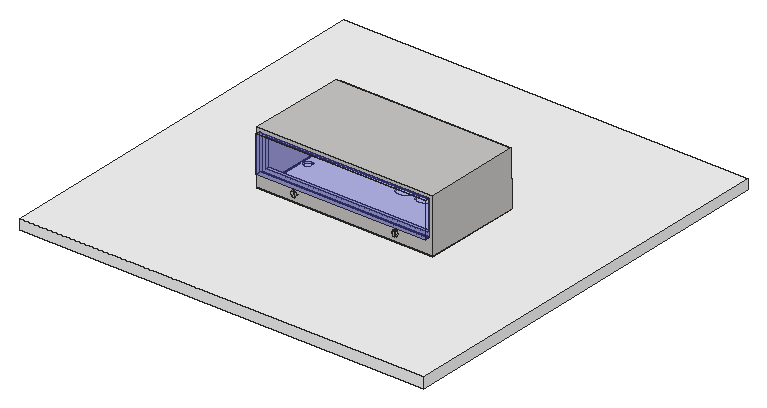
Revit family "BE_50072.2_de_DE", category Leuchten, Revit 2020
Family settings
  Basisbauteil = Fläche
  Bemaßung runder Anschluss = Durchmesser verwenden
  Teiletyp = Normal
  Beim Laden mit Abzugskörper schneiden = Ja
  Lichtquelle = Ja
  Gemeinsam genutzt = Nein
  Raumberechnungspunkt = Ja
Parameters (values of type "BEGA_50072.2_K4")
  built-in parameter 1150104 = 12.867 (stored number, unit not read)
  Wattage = 12.2 W
  Default Elevation = 0 mm
  built-in parameter 1150113 = 1 (stored number, unit not read)
  built-in parameter 1114218 = 1 (stored number, unit not read)
  Umgebungstemperatur = "25 °C"
  URL = "https://www.bega.com/de/produkt/50072.2"
  Typenkommentare = "© 2022 BEGA. Wir behalten uns das Recht vor, technische Änderungen ohne vorherige Ankündigung vorzunehmen."  # constant formula
  built-in parameter 1150134 = 12
  built-in parameter 1150109 = 1 (stored number, unit not read)
  Strom = ""
  built-in parameter 1150110 = 1 (stored number, unit not read)
  Spannung = 239.996 V
  Sonderanfertigung = no
  Seriennummer [instance] = "Hier können Sie die eindeutige Seriennummer für das Facility Management eintragen."
  Schutzklasse = "I"
  Schutzart = "IP 20"
  Scheinlast = 0 VA
  Produktdatenblatt = "https://cdn.bega.com/bega/products/50072.2K3/current/documents/data-sheets/de"
  Oberflächentemperatur = ""
  Neigungswinkel = 0.00°
  Modell = "50072.2K4"
  Material_17 = BEGA_Reflektor
  Material_15 = BEGA_Leuchtmedium_matt
  Material_11 = BEGA_Glas_opal
  Material_09 = BEGA_Glas_klar
  Material_08 = BEGA_Oberfläche_Stahl_verzinkt
  Material_06 = BEGA_Oberfläche_Edelstahl_gebürstet
  Material_05 = BEGA_Oberfläche_Aluminium Guss
  Material_03 = BEGA_Oberfläche_Weiss_matt
  Material_02 = BEGA_Oberfläche_Silber_matt
  Material_01 [instance] = BEGA_Oberfläche_Grafit_matt
  M_W = no
  M_G = no
  M_A = no
  Logo = 0
  built-in parameter 1114217 = 1 (stored number, unit not read)
  built-in parameter 1150139 = (empty or 0)
  built-in parameter 1150105 = 134.46 (stored number, unit not read)
  built-in parameter 1150114 = 1 (stored number, unit not read)
  Lumens = 1689.7 lm
  built-in parameter 1150115 = 1 (stored number, unit not read)
  Leuchtenlichtstrom = "679 lm"
  Leuchtenanzahl = ""
  Lebensdauerkriterien = "L70B50 @ 25 °C = 200000 h"
  Lastklassifizierung = Beleuchtung
  built-in parameter 1150112 = 1 (stored number, unit not read)
  Lampenlichtstrom = "1990 lm"
  Lampe = "LED 12.8 W"
  LED_Modulbezeichnung = "2x LED-0518/940"
  Hersteller = "BEGA"  # constant formula
  Halbstreuwinkel = ""
  Gewicht = "1.3 kg"
  Gebrauchslageneinschränkung [instance] = ""
  Frequenz = "0/50-60 Hz"
  Farbwiedergabeindex = "CRI > 90"
  Farbtemperaturverschiebung bei Dämpfen der Lampe = <Keine Auswahl>
  Farbtemperatur = "4000 K"
  Color Filter = 16777215
  built-in parameter 1150133 = 10 (stored number, unit not read)
  Energieeffizienzklasse = "LED A++ - A"
  built-in parameter 1150137 = (empty or 0)
  built-in parameter 1150132 = (empty or 0)
  ENEC = "ja"
  Dimmbar [instance] = "on/off"
  Datei für fotometrisches Netz = "BE_50072.2K4.IES"
  CE_Konformität = "ja"
  Bestellnummer = "50072.2K4"
  Beschreibung_Sonderanfertigung = "Hier können Sie Informationen zur Sonderanfertigung eintragen."
  Beschreibung = "Wandleuchte"
  built-in parameter 1150106 = 1.3446 (stored number, unit not read)
  Befestigungsbohrung = "Ø 4,5 mm"
  Befestigungsabstand = "150 mm"
  Ballwurfsicher = ""
  BEGA_Intern_aus = yes
  BEGA_Intern_an = yes
  BEGA_Intern_Konstruktion = yes
  BEGA_Intern = yes
  BEGA_IES = yes
  BEGA_Dummy = no
  Anschlussleitung = ""
  Anschlussleistung [instance] = "14.8 W"
  Anschlusskasten = ""
  built-in parameter 1150107 = 4000 (stored number, unit not read)
  built-in parameter 1150102 = (empty or 0)
  built-in parameter 1150138 = (empty or 0)
  Aktualisierung = "2022-05-18T04:00:07"
  Abstand_zur_angestrahlten_Fläche [instance] = ""
  AC/DC = "AC/DC"
Types (2, lengths in mm): name | built-in parameter 1150134 | Modell | Leuchtenlichtstrom | Lampenlichtstrom | LED_Modulbezeichnung | Farbtemperatur | Datei für fotometrisches Netz | Bestellnummer | built-in parameter 1150107
  BEGA_50072.2_K4 | 12 | "50072.2K4" | "679 lm" | "1990 lm" | "2x LED-0518/940" | "4000 K" | "BE_50072.2K4.IES" | "50072.2K4" | 4000 (stored number, unit not read)
  BEGA_50072.2_K3 | (empty or 0) | "50072.2K3" | "652 lm" | "1910 lm" | "2x LED-0518/930" | "3000 K" | "BE_50072.2K3.IES" | "50072.2K3" | 3000 (stored number, unit not read)
Reference planes
  plane 1 "Mitte (Vorne/Hinten)": y = 0
  plane 2: z = 0
  plane 3 "Mitte (Links/Rechts)": x = 0
  plane 4 "Links": x = -87.491
  plane 5 "Rechts": x = 87.491
  plane 6 "Unten": y = -53.25
  plane 7 "Oben": y = 53.25
  plane 8 "Vorne": z = 54
  plane 9 "Hinten": z = 0
Forms (mm)
  Extrusion 1, solid, material "BEGA_Platte_Weiss"
    sketch origin (0, -1119.2, 0) x (1, 0, 0) y (0, 1, 0)
      loop
        line (-200, 1319.2) -> (-200, 919.2) -> (200, 919.2) -> (200, 1319.2) -> (-200, 1319.2)
    from 0 to -10
  Extrusion 2, solid, material "BEGA_Dummy_matt", visible <- "BEGA_Dummy"
    sketch origin (80.095, -76.023, 0) x (1, 0, 0) y (0, 1, 0)
      loop
        line (-167.587, 129.273) -> (-167.587, 22.773) -> (7.396, 22.773) -> (7.396, 129.273) -> (-167.587, 129.273)
    from 0 to 54
Dimensions and locks
  plane 1 "Mitte (Vorne/Hinten)" to Extrusion 1 = 200 mm
  plane 1 "Mitte (Vorne/Hinten)" to Extrusion 2 = 53.25 mm
  aligned and locked: plane 2 to Extrusion 1
  aligned and locked: level to Extrusion 1
Nested families
  nested 1: "BE_50072.2" at (0, 0, 0), type "BE_50072.2"
Connectors
  electrical at (0, 0, 0), driven by "Lastklassifizierung", driven by "Spannung", driven by "Scheinlast"
    settings: index 1, voltage 239.996 V, apparent load 0 VA, apparent load phase1 0 VA, apparent load phase2 0 VA, apparent load phase3 0 VA, power factor 1, load classification "Beleuchtung", number of poles 1, system type 31, power factor state 1, is connector primary yes, connector utility no, sub classification motor no, connector description ""
Definition of nested family "BE_50072.2"
  Parameters (values of type "BE_50072.2")
    Default Elevation = 1 mm
    URL = "http://www.bega.de/de/produkt"
    Type Comments = "© 2015 BEGA. Wir behalten uns das Recht vor, technische Änderungen ohne vorherige Ankündigung vorzunehmen. "  # constant formula
    Type Image = (empty or 0)
    Neigungswinkel_um_Z2 = 0.00°
    Neigungswinkel_um_Z1 = 0.00°
    Neigungswinkel_um_Y2 = 0.00°
    Neigungswinkel_um_Y1 = 0.00°
    Neigungswinkel_um_X2 = 0.00°
    Neigungswinkel_um_X1 = 0.00°
    Material_17 = none
    Material_15 = none
    Material_11 = none
    Material_09 = none
    Material_08 = none
    Material_06 = none
    Material_05 = none
    Material_03 = none
    Material_02 = none
    Material_01 = none
    M_W = yes
    M_G = yes
    M_A = yes
    Länge_Platte = 300 mm  # constant formula
    Höhe_Platte = -10 mm  # constant formula
    Manufacturer = "BEGA"  # constant formula
    Drehwinkel_um_Z2 = 0.00°
    Drehwinkel_um_Z1 = 0.00°
    Breite_Platte = 200 mm  # constant formula
  Reference planes
    plane 1 "Mitte (Oben/Unten)": y = 0
    plane 2: z = 0
    plane 3 "Mitte (Links/Rechts)": x = 0
    plane 4: z = 54
    plane 5: y = 53.25
    plane 6: y = -53.25
    plane 7: x = -87.491
    plane 8: x = 87.491
  Forms (mm)
    Extrusion 1, solid, detail levels medium
      sketch origin (0, 0, 0) x (1, 0, 0) y (0, 1, 0)
        loop
          line (-150, 100) -> (-150, -100) -> (150, -100) -> (150, 100) -> (-150, 100)
      from 0 to -10 <- "Höhe_Platte"
    Extrusion 2, solid, material <- "Material_06", detail levels medium+fine
      sketch origin (0, 0, 0) x (0, 1, 0) y (0, 0, 1)
        loop
          line (48.25, 1) -> (48.25, 54) -> (-48.25, 54) -> (-48.25, 1) -> (-45.835, 1) -> (-45.835, 52) -> (45.835, 52) -> (45.835, 1) -> (48.25, 1)
      from -88.265 to 88.776
    Extrusion 3, solid, material <- "Material_06", detail levels medium+fine
      sketch origin (0, 0, 0) x (1, 0, 0) y (0, 0, 1)
        loop
          line (-88.265, 54) -> (-88.265, 1) -> (-84.981, 1) -> (-84.981, 54) -> (-88.265, 54)
        loop
          line (88.776, 54) -> (85.662, 54) -> (85.662, 1) -> (88.776, 1) -> (88.776, 54)
      from -48.25 to 48.25
    Extrusion 4, void
      sketch origin (0, 0, 0) x (1, 0, 0) y (0, 0, 1)
        loop
          line (-87.499, 0.549) -> (-86.557, 54.543) -> (-89.287, 54.543) -> (-89.287, 0.549) -> (-87.499, 0.549)
        loop
          line (87.516, 0.549) -> (90.348, 0.549) -> (90.348, 54.543) -> (86.574, 54.543) -> (87.516, 0.549)
      from -49.824 to 51.45
    Sweep 5, solid, material <- "Material_03", detail levels medium+fine
      path origin (0, 0, 0) x (1, 0, 0) y (0, 1, 0)
        loop
          line (87.509, 48.25) -> (-87.5, 48.25) -> (-87.5, -48.25) -> (87.509, -48.25) -> (87.509, 48.25)
      profile origin (0.004, 48.25, 0) x (0, -1, 0) y (0, 0, 1)
        loop
          line (0.5, 0) -> (4.017, 0)
          arc (4.017, 0) -> (5.077, 0.439) -> (5.517, 1.5) r 1.5
          line (5.517, 1.5) -> (5.517, 2.5)
          arc (5.517, 2.5) -> (5.663, 2.854) -> (6.017, 3) r 0.5
          line (6.017, 3) -> (42.243, 3) -> (42.243, 4) -> (6.017, 4)
          arc (6.017, 4) -> (4.956, 3.561) -> (4.517, 2.5) r 1.5
          line (4.517, 2.5) -> (4.517, 1.5)
          arc (4.517, 1.5) -> (4.37, 1.146) -> (4.017, 1) r 0.5
          line (4.017, 1) -> (0.5, 1) -> (0.5, 0)
    Extrusion 6, solid, material <- "Material_03", detail levels medium+fine
      sketch origin (0, 0, 0) x (0, 1, 0) y (0, 0, 1)
        loop
          line (6.007, 4) -> (-6.007, 4) -> (-6.007, 3) -> (6.007, 3) -> (6.007, 4)
      from -45.466 to 45.466
    Extrusion 7, void
      sketch origin (0, 0, 0) x (1, 0, 0) y (0, 1, 0)
        loop
          circle (30, 15) r 8.5
        loop
          circle (-75, 0) r 4.25
        loop
          circle (10, 15) r 8.5
        loop
          circle (75, 0) r 4.25
      from 0 to 8
    Extrusion 8, solid, material <- "Material_06", detail levels medium+fine
      sketch origin (0, 0, 0) x (0, 1, 0) y (0, 0, 1)
        loop
          line (45.835, 52) -> (42.76, 52) -> (42.76, 13.991) -> (45.835, 13.991) -> (45.835, 52)
        loop
          line (-45.835, 52) -> (-45.835, 13.991) -> (-42.76, 13.991) -> (-42.76, 52) -> (-45.835, 52)
      from -84.378 to 84.841
    Extrusion 9, void
      sketch origin (0, 0, 0) x (0, 1, 0) y (0, 0, 1)
        loop
          line (49.5, 48.03) -> (-49.715, 48.03) -> (-49.715, 18.623) -> (49.5, 18.623) -> (49.5, 48.03)
      from -80.277 to 80.984
    Extrusion 10, void
      sketch origin (0, 0, 0) x (0, 1, 0) y (0, 0, 1)
        loop
          line (45.835, 51.347) -> (45.835, 15.347) -> (49.744, 15.347) -> (49.744, 51.347) -> (45.835, 51.347)
        loop
          line (-45.835, 51.347) -> (-49.744, 51.347) -> (-49.744, 15.347) -> (-45.835, 15.347) -> (-45.835, 51.347)
      from -83.844 to 84.146
    Extrusion 11, solid, material <- "Material_11", detail levels medium+fine
      sketch origin (0, 0, 0) x (0, -1, 0) y (0, 0, -1)
        loop
          line (53.25, -15.347) -> (45.25, -15.347) -> (45.25, -51.347) -> (53.25, -51.347) -> (53.25, -15.347)
      from -83.844 to 84.146
    Revolve 12, void
      sketch origin (-49.991, 0, 0) x (0, 1, 0) y (0, 0, 1)
        loop
          line (-46.138, 10.5) -> (-47.677, 10.5) -> (-48.584, 11.407) -> (-48.584, 8) -> (-46.138, 8) -> (-46.138, 10.5)
        axis (-46.138, 8) -> (-48.584, 8)
      angle from 0 to 360
    Revolve 13, solid, material <- "Material_06", detail levels fine
      sketch origin (-49.991, 0, 0) x (0, 1, 0) y (0, 0, 1)
        loop
          line (-49.45, 10) -> (-49.45, 8) -> (-46.138, 8) -> (-46.138, 10.5) -> (-47.633, 10.5) -> (-48.25, 10) -> (-49.45, 10)
        axis (-46.138, 8) -> (-49.45, 8)
      angle from 0 to 360
    Extrusion 14, solid, material <- "Material_11", detail levels medium+fine
      sketch origin (0, 0, 0) x (0, 1, 0) y (0, 0, 1)
        loop
          line (53.25, 15.347) -> (53.25, 51.347) -> (45.25, 51.347) -> (45.25, 15.347) -> (53.25, 15.347)
      from -83.844 to 84.146
    Revolve 15, void
      sketch origin (49.991, 0, 0) x (0, 1, 0) y (0, 0, -1)
        loop
          line (-46.138, -10.5) -> (-46.138, -8) -> (-48.584, -8) -> (-48.584, -11.407) -> (-47.677, -10.5) -> (-46.138, -10.5)
        axis (-46.138, -8) -> (-48.584, -8)
      angle from 0 to 360
    Revolve 16, solid, material <- "Material_06", detail levels fine
      sketch origin (49.991, 0, 0) x (0, 1, 0) y (0, 0, -1)
        loop
          line (-49.45, -10) -> (-48.25, -10) -> (-47.633, -10.5) -> (-46.138, -10.5) -> (-46.138, -8) -> (-49.45, -8) -> (-49.45, -10)
        axis (-46.138, -8) -> (-49.45, -8)
      angle from 0 to 360
  Cuts and joins
    Extrusion 4, Extrusion 9, Extrusion 10, Revolve 12, Revolve 15 cuts Extrusion 2
    Extrusion 4, Extrusion 9, Extrusion 10, Revolve 12, Revolve 15 cuts Extrusion 3
    Extrusion 9, Extrusion 10, Revolve 12, Revolve 15 cuts Extrusion 8
    joined: Extrusion 2, Extrusion 3, Extrusion 8
    Extrusion 7 cuts Sweep 5
    Extrusion 7 cuts Extrusion 6
    joined: Sweep 5, Extrusion 6
  Dimensions and locks
    equal spacing: Extrusion 1 sketch curve, plane 3 "Mitte (Links/Rechts)", Extrusion 1 sketch curve
    equal spacing: Extrusion 1 sketch curve, plane 1 "Mitte (Oben/Unten)", Extrusion 1 sketch curve
    "Länge_Platte": Extrusion 1 sketch curve to Extrusion 1 sketch curve
    "Breite_Platte": Extrusion 1 sketch curve to Extrusion 1 sketch curve
    aligned and locked: Extrusion 1 to plane 2
    aligned and locked: level to Extrusion 1
  Automatic sketch dimensions
    plane 4 to Extrusion 2 sketch curve = 0 mm
    level to Extrusion 2 sketch curve = 1 mm  (x2)
    plane 6 to Extrusion 2 sketch curve = 5 mm
    Extrusion 2 sketch curve to Extrusion 2 sketch curve = 2.415 mm  (x2)
    plane 5 to Extrusion 2 sketch curve = 7.415 mm
    plane 4 to Extrusion 2 sketch curve = 2 mm
    Extrusion 3 sketch curve to plane 4 = 0 mm  (x2)
    level to Extrusion 3 sketch curve = 1 mm  (x2)
    Extrusion 3 sketch curve to Extrusion 3 sketch curve = 3.284 mm
    Extrusion 3 sketch curve to Extrusion 3 sketch curve = 3.114 mm
    Extrusion 4 sketch curve to plane 4 = 0.543 mm  (x2)
    level to Extrusion 4 sketch curve = 0.549 mm  (x2)
    Extrusion 4 sketch curve to Extrusion 4 sketch curve = 1.788 mm
    Extrusion 4 sketch curve to Extrusion 4 sketch curve = 2.73 mm
    Extrusion 4 sketch curve to Extrusion 4 sketch curve = 2.831 mm
    plane 5 to Sweep 5 sketch curve = 5 mm
    plane 6 to Sweep 5 sketch curve = 5 mm
    Sweep 5 sketch curve to Sweep 5 sketch curve = 0 mm  (x4)
    Sweep 5 sketch curve to level = 0 mm
    Sweep 5 sketch curve to profile plane = 0.5 mm
    level to Sweep 5 sketch curve = 1 mm
    Sweep 5 sketch curve to Sweep 5 sketch curve = 3.517 mm
    Sweep 5 sketch curve to Sweep 5 sketch curve = 0.5 mm  (x2)
    level to Sweep 5 sketch curve = 4 mm
    Sweep 5 sketch curve to Sweep 5 sketch curve = 36.226 mm
    plane 1 "Mitte (Oben/Unten)" to Extrusion 6 sketch curve = 6.007 mm
    level to Extrusion 6 sketch curve = 3 mm
    Extrusion 6 sketch curve to plane 1 "Mitte (Oben/Unten)" = 6.007 mm
    Extrusion 6 sketch curve to Extrusion 6 sketch curve = 1 mm
    plane 1 "Mitte (Oben/Unten)" to Extrusion 7 sketch curve = 0 mm  (x2)
    plane 3 "Mitte (Links/Rechts)" to Extrusion 7 sketch curve = 10 mm
    Extrusion 7 sketch curve to plane 1 "Mitte (Oben/Unten)" = 15 mm  (x2)
    plane 6 to Extrusion 8 sketch curve = 7.415 mm
    Extrusion 8 sketch curve to Extrusion 8 sketch curve = 3.075 mm  (x2)
    plane 4 to Extrusion 8 sketch curve = 2 mm  (x2)
    plane 5 to Extrusion 8 sketch curve = 10.49 mm
    level to Extrusion 8 sketch curve = 13.991 mm  (x2)
    plane 6 to Extrusion 9 sketch curve = 3.535 mm
    plane 5 to Extrusion 9 sketch curve = 3.75 mm
    level to Extrusion 9 sketch curve = 18.623 mm
    plane 4 to Extrusion 9 sketch curve = 5.97 mm
    plane 6 to Extrusion 10 sketch curve = 3.506 mm
    Extrusion 10 sketch curve to Extrusion 10 sketch curve = 3.91 mm
    plane 5 to Extrusion 10 sketch curve = 7.415 mm
    plane 5 to Extrusion 10 sketch curve = 3.506 mm
    level to Extrusion 10 sketch curve = 15.347 mm  (x2)
    plane 4 to Extrusion 10 sketch curve = 2.653 mm  (x2)
    Extrusion 11 sketch curve to plane 6 = 0 mm
    Extrusion 11 sketch curve to plane 4 = 2.653 mm
    Extrusion 11 sketch curve to plane 6 = 8 mm
    Extrusion 11 sketch curve to level = 15.347 mm
    plane 6 to Revolve 12 sketch curve = 4.666 mm
    Revolve 12 sketch curve to Revolve 12 sketch curve = 0.907 mm  (x2)
    Revolve 12 sketch curve to Revolve 12 sketch curve = 2.445 mm
    level to Revolve 12 sketch curve = 8 mm
    Revolve 12 sketch curve to Revolve 12 sketch curve = 2.5 mm
    Revolve 12 sketch curve to Revolve 12 sketch curve = 0 mm  (x3)
    plane 6 to Revolve 13 sketch curve = 3.8 mm
    Revolve 13 sketch curve to Revolve 13 sketch curve = 1.2 mm
    Revolve 13 sketch curve to Revolve 13 sketch curve = 0.617 mm
    Revolve 13 sketch curve to Revolve 13 sketch curve = 1.494 mm
    level to Revolve 13 sketch curve = 8 mm
    Revolve 13 sketch curve to Revolve 13 sketch curve = 2 mm
    Revolve 13 sketch curve to Revolve 13 sketch curve = 0.5 mm
    Revolve 13 sketch curve to Revolve 13 sketch curve = 0 mm  (x3)
    Extrusion 14 sketch curve to plane 5 = 0 mm
    plane 4 to Extrusion 14 sketch curve = 2.653 mm
    Extrusion 14 sketch curve to Extrusion 14 sketch curve = 8 mm
    level to Extrusion 14 sketch curve = 15.347 mm
    plane 6 to Revolve 15 sketch curve = 4.666 mm
    Revolve 15 sketch curve to Revolve 15 sketch curve = 0.907 mm  (x2)
    Revolve 15 sketch curve to Revolve 15 sketch curve = 2.445 mm
    level to Revolve 15 sketch curve = 11.407 mm
    Revolve 15 sketch curve to Revolve 15 sketch curve = 2.5 mm
    Revolve 15 sketch curve to Revolve 15 sketch curve = 0 mm  (x3)
    plane 6 to Revolve 16 sketch curve = 3.8 mm
    Revolve 16 sketch curve to Revolve 16 sketch curve = 1.2 mm
    Revolve 16 sketch curve to Revolve 16 sketch curve = 0.617 mm
    Revolve 16 sketch curve to Revolve 16 sketch curve = 1.494 mm
    level to Revolve 16 sketch curve = 10.5 mm
    Revolve 16 sketch curve to Revolve 16 sketch curve = 0.5 mm
    Revolve 16 sketch curve to Revolve 16 sketch curve = 2.5 mm
    Revolve 16 sketch curve to Revolve 16 sketch curve = 0 mm  (x3)
    plane 3 "Mitte (Links/Rechts)" to Extrusion 3 sketch curve = 85.662 mm
    plane 3 "Mitte (Links/Rechts)" to Extrusion 4 sketch curve = 86.574 mm
    Extrusion 4 sketch curve to Extrusion 4 sketch curve = 0.942 mm
    plane 3 "Mitte (Links/Rechts)" to Sweep 5 sketch curve = 87.509 mm
    Extrusion 7 sketch curve to Extrusion 7 sketch curve = 20 mm
    Extrusion 7 sketch curve to Extrusion 7 sketch curve = 45 mm
    Extrusion 3 sketch curve to plane 3 "Mitte (Links/Rechts)" = 84.981 mm
    Extrusion 4 sketch curve to plane 3 "Mitte (Links/Rechts)" = 86.557 mm
    Sweep 5 sketch curve to plane 3 "Mitte (Links/Rechts)" = 87.5 mm
    Extrusion 7 sketch curve to plane 3 "Mitte (Links/Rechts)" = 75 mm
    radius of Extrusion 7 sketch curve = 8.5 mm  (x2)
    radius of Extrusion 7 sketch curve = 4.25 mm  (x2)
